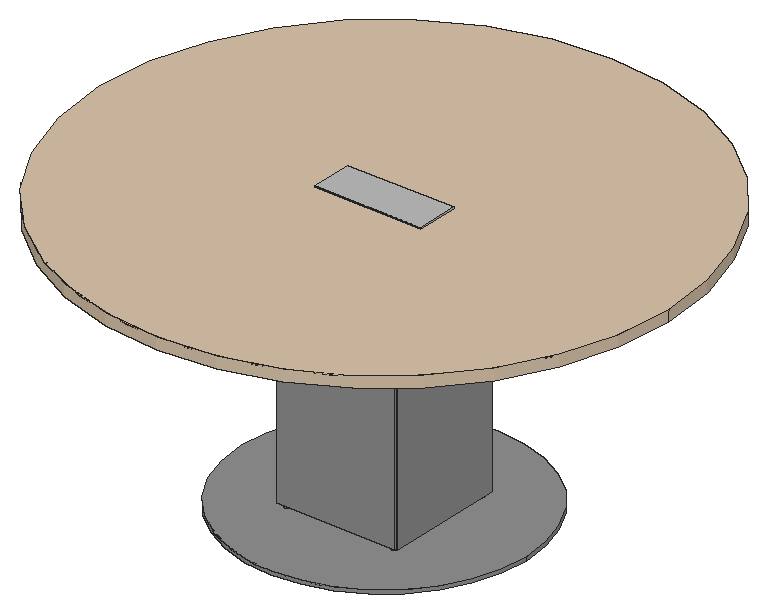
Revit family "Haworth_Planes_ColumnBaseConferenceTable_Round", category Furniture Systems, Revit 2018
Family settings
  Round Connector Dimension = Use Diameter
  Part Type = Normal
  OmniClass Number = 23.40.70.14.64.21
  OmniClass Title = Systems Furniture
  Work Plane-Based = No
  Always vertical = Yes
  Cut with Voids When Loaded = No
  Shared = No
  Room Calculation Point = No
Parameters (values of type "60d 60w 29h")
  Worksurface Finish [instance] = Haworth _ Laminate _ Maple H-AE
  Worksurface Edge Finish [instance] = Haworth _ Laminate _ Maple H-AE
  Width = 60"
  Warranty = "https://www.haworth.com/resources/product-info/warranties"
  URL - Product = "https://www.haworth.com/products/tables/conference/planes"
  Sustainability Info = "https://www.haworth.com/company-info/sustainability"
  Opening Single Wide = yes
  Opening Single = not(or(Opening Single Wide, Opening Double, Opening Double Wide))  # no
  Opening Double Wide = no
  Opening Double = no
  Model = "TARQ"  # constant formula
  Min. Depth = 36"  # constant formula
  Max. Depth = 60"  # constant formula
  Large Base = Actual Width > 36"  # yes
  URL = "www.haworth.com"
  Support Height = Actual Height - Table Thickness  # 27 13/16"
  Size = "Verify Final Dim. w/ Haworth"  # constant formula
  Revision Number = "1"  # constant formula
  Standard Widths = "36, 42, 48, 54, 60 in."  # constant formula
  Standard Heights = "21.25, 29, 41.25 in."  # constant formula
  Min. Width = 36"  # constant formula
  Max. Width = 60"  # constant formula
  Min. Height = 21 1/4"  # constant formula
  Max. Height = 41 1/4"  # constant formula
  Manufacturer = "Haworth"  # constant formula
  Knife Edge = not(Edgeband)  # no
  Height = 29"
  Frame Finish = Haworth _ Paint _ Graphite
  Fliptop Width = Cutout Width + 1/4"  # 11 1/4"
  Fliptop Depth = Cutout Depth + 3/8"  # 4 3/8"
  Flip Top Finish = Haworth _ Paint _ Metallic Champagne
  Flip Top = yes
  Edgeband = yes
  Description = "Haworth - Planes Column Base - Round - 60w 60d 29h"
  Depth = Width  # 60"
  Cutout Width = if(or(Opening Single Wide, Opening Double Wide), 11", 8")  # 11"
  Cutout Depth = if(or(Opening Double, Opening Double Wide), 7 11/16", 4")  # 4"
  Cutout = yes
  Custom Size = not(and(or(Width = 36", Width = 42", Width = 48", Width = 54", Width = 60"), or(Depth = 30", Depth = 36", Depth = 42", Depth = 48", Depth = 54", Depth = 60"), or(Height = 21 1/4", Height = 29", Height = 41 1/4")))  # no
  Base Finish = Haworth _ Paint _ Graphite
  Author = "Haworth (Alias)"  # constant formula
  Assembly Code = "E2020200"
  Actual Width = if(Depth > Max. Width, Max. Width, if(Depth < Min. Width, Min. Width, Depth))  # 60"
  Actual Height = if(Height > Max. Height, Max. Height, if(Height < Min. Height, Min. Height, Height))  # 29"
  Table Thickness = 1 3/16"  # constant formula
  Standard Depths = "36, 42, 48, 54, 60 in."  # constant formula
  Actual Depth = if(Width > Max. Depth, Max. Depth, if(Width < Min. Depth, Min. Depth, Width))  # 60"
Types (6): name | Width | Large Base | Description | Depth | Actual Width | Actual Depth
  (no name) | 60" | yes | "Haworth - Planes Column Base - Round - 60w 60d 29h" | 60" | 60" | 60"
  60d 60w 29h | 60" | yes | "Haworth - Planes Column Base - Round - 60w 60d 29h" | 60" | 60" | 60"
  54d 54w 29h | 54" | yes | "Haworth - Planes Column Base - Round - 54w 54d 29h" | 54" | 54" | 54"
  48d 48w 29h | 48" | yes | "Haworth - Planes Column Base - Round - 48w 48d 29h" | 48" | 48" | 48"
  42d 42w 29h | 42" | yes | "Haworth - Planes Column Base - Round - 42w 42d 29h" | 42" | 42" | 42"
  36d 36w 29h | 36" | no | "Haworth - Planes Column Base - Round - 36w 36d 29h" | 36" | 36" | 36"
Reference planes (in)
  plane 1 "Center F/B": y = -0.15866
  plane 2 "Floor": z = 0
  plane 3 "Center L/R": x = -15
  plane 4 "Table Edge Left": x = -45
  plane 5 "Table Edge Right": x = 15
  plane 6 "Table Edge Back": y = -30.15866
  plane 7 "Table Edge Front": y = 29.84134
  plane 8 "Table Bottom": z = 29
  plane 9 "masking region": z = 27.8125
Dimensions and locks (in)
  "Actual Depth": plane 7 "Table Edge Front" to plane 6 "Table Edge Back"
  "Actual Width": plane 4 "Table Edge Left" to plane 5 "Table Edge Right"
  equal spacing: plane 4 "Table Edge Left", plane 3 "Center L/R", plane 5 "Table Edge Right"
  equal spacing: plane 7 "Table Edge Front", plane 1 "Center F/B", plane 6 "Table Edge Back"
  "Actual Height": plane 8 "Table Bottom" to level
  "Table Thickness": plane 8 "Table Bottom" to plane 9 "masking region"
  aligned and locked: nested 1 to plane 3 "Center L/R"
  aligned and locked: plane 1 "Center F/B" to nested 1
  aligned and locked: plane 3 "Center L/R" to nested 2
  aligned and locked: plane 2 "Floor" to nested 1
  aligned and locked: plane 2 "Floor" to nested 3
  aligned and locked: plane 1 "Center F/B" to nested 3
  aligned and locked: plane 3 "Center L/R" to nested 3
Nested families (in)
  nested 1: "Haworth_Planes_ColumnBase_Part" at (-15, -3.78366, 0), type "Base"
    with Base Plate Square no, Base Plate Round yes, Actual Height 27 13/16"
  nested 2: "Haworth_Worksurface_FlipTop_Unit_Part" at (-15.57037, -0.21114, 29), built-in parameter 1001364 <- "Actual Height", visible <- "Flip Top", type "Flip Top"
    with Actual Width 11 1/4"
  nested 3: "Haworth_Conference_Worksurface_Round_Part" at (-15, -15.15866, 0), type "Worksurface"
    with Radius 2 28", Radius 30", Opening Single no, Opening Double Wide no, Opening Double no, Knife Edge no, Edgeband yes, Cutout Depth 4", Actual Width 60", Actual Depth 60"
Definition of nested family "Haworth_Planes_ColumnBase_Part"
  Parameters (values of type "Square")
    Warranty = "http://www.haworth.com/resources/product-info/warranties"
    URL - Product = "http://www.haworth.com/products/tables/conference/planes"
    URL = "www.haworth.com"
    Trim Finish = none
    Top Gap = 1 1/2"  # constant formula
    Sustainability Info = "http://www.haworth.com/company-info/sustainablility"
    Support Finish = none
    Size = "Verify Final Dim. w/ Haworth"  # constant formula
    Revision Number = "2"  # constant formula
    Model = "Haworth - Planes - Enhanced Column Base - LIMITED"  # constant formula
    Min. Height = 27"  # constant formula
    Max. Height = 36"  # constant formula
    Manufacturer = "Haworth"  # constant formula
    Description = "Haworth - Planes - Enhanced Column Base - LIMITED"  # constant formula
    Column Frame Width 9 = no
    Column Frame Width 12 = yes
    Cladding Thickness = 1/8"  # constant formula
    Cladding Square = yes
    Cladding Round = no
    Cladding Radius = 8 1/2"  # constant formula
    Base Plate Square = yes
    Base Plate Round = no
    Base Plate Radius = 15"  # constant formula
    Base Height Offset = 3/8"  # constant formula
    Base Finish = none
    Base Depth Offset = 7 1/8"  # constant formula
    Author = "Haworth (Hampton)"  # constant formula
    Assembly Code = "E2020200"
    Actual Width = 12 3/4"  # constant formula
    Actual Height = 27 3/16"
    Actual Depth = 12 3/4"  # constant formula
  Types (2): name | Cladding Square | Cladding Round | Base Plate Square | Base Plate Round
    Square | yes | no | yes | no
    Round | no | yes | no | yes
  Reference planes (in)
    plane 1 "Center F/B": y = 3.625
    plane 2 "Bottom": z = 0
    plane 3 "Center L/R": x = 0
    plane 4 "Left": x = -6.375
    plane 5 "Right": x = 6.375
    plane 6 "Front": y = -2.75
    plane 7 "Top": z = 27.1875
    plane 8 "Back": y = 10
    plane 9: y = 9.25
    plane 10: x = 5.625
    plane 11: x = -5.625
    plane 12: y = -2
    plane 13 "Panel Top": z = 25.6875
    plane 14 "Base Plate Top": z = 0.375
    plane 15 "Panel Bottom": z = 0.75
    plane 16: x = -6.25
    plane 17: x = 6.25
    plane 18: y = 9.875
    plane 19: y = -2.625
    plane 20 "Plate Back": y = 17.125
    plane 21 "Plate Front": y = -9.875
    plane 22 "Plate Left": x = -13.5
    plane 23 "Plate Right": x = 13.5
    plane 24 "Angel 2": through (6.375, 10, 48) normal (0.7071, -0.7071, 0)
    plane 25 "Angel 1": through (-6.375, 10, 48) normal (0.7071, 0.7071, 0)
    plane 26: through (6.375, -2.75, 48) normal (-0.7071, -0.7071, 0)
    plane 27: through (6.375, 10, 48) normal (0.7071, -0.7071, 0)
    plane 28: through (-6.375, -2.75, 48) normal (-0.7071, 0.7071, 0)
    plane 29: through (6.375, -2.75, 48) normal (-0.7071, -0.7071, 0)
    plane 30: through (-6.375, 10, 48) normal (0.7071, 0.7071, 0)
    plane 31: through (-6.375, -2.75, 48) normal (-0.7071, 0.7071, 0)
  Forms (in)
    Extrusion 1, solid, material <- "Trim Finish", visible <- "Cladding Square"
      sketch origin (0, 0, 0) x (1, 0, 0) y (0, 1, 0)
        loop
          line (-6.375, 9.875) -> (-6.375, -2.625) -> (-6.25, -2.625) -> (-6.25, 9.875) -> (-6.375, 9.875)
      from 0.75 to 25.6875
    Extrusion 2, solid, material <- "Trim Finish", visible <- "Cladding Square"
      sketch origin (0, 0, 0) x (1, 0, 0) y (0, 1, 0)
        loop
          line (-6.25, 10) -> (-6.25, 9.875) -> (6.25, 9.875) -> (6.25, 10) -> (-6.25, 10)
      from 0.75 to 25.6875
    Extrusion 3, solid, material <- "Trim Finish", visible <- "Cladding Square"
      sketch origin (0, 0, 0) x (1, 0, 0) y (0, 1, 0)
        loop
          line (6.25, 9.875) -> (6.25, -2.625) -> (6.375, -2.625) -> (6.375, 9.875) -> (6.25, 9.875)
      from 0.75 to 25.6875
    Extrusion 4, solid, material <- "Trim Finish", visible <- "Cladding Square"
      sketch origin (0, 0, 0) x (1, 0, 0) y (0, 1, 0)
        loop
          line (-6.25, -2.625) -> (-6.25, -2.75) -> (6.25, -2.75) -> (6.25, -2.625) -> (-6.25, -2.625)
      from 0.75 to 25.6875
    Extrusion 5, solid, material <- "Support Finish"
      sketch origin (0, 0, 0) x (1, 0, 0) y (0, 1, 0)
        loop
          circle (-5.625, 9.25) r 0.375
        loop
          circle (5.625, 9.25) r 0.375
        loop
          circle (5.625, -2) r 0.375
        loop
          circle (-5.625, -2) r 0.375
      from 0.375 to 27.1875
    Extrusion 6, solid, material <- "Base Finish", visible <- "Base Plate Square"
      sketch origin (0, 0, 0) x (1, 0, 0) y (0, 1, 0)
        loop
          line (-13.5, 17.125) -> (-13.5, -9.875) -> (13.5, -9.875) -> (13.5, 17.125) -> (-13.5, 17.125)
      from 0 to 0.375
    Extrusion 7, solid, material <- "Base Finish", visible <- "Base Plate Round"
      sketch origin (0, 0, 0) x (1, 0, 0) y (0, 1, 0)
        loop
          circle (0, 3.625) r 15
      from 0 to 0.375
    Extrusion 8, solid, material <- "Trim Finish", visible <- "Cladding Round"
      sketch origin (0, 0, 0) x (1, 0, 0) y (0, 1, 0)
        loop
          arc (-6.01041, 9.63541) -> (0, 12.125) -> (6.01041, 9.63541) r 8.5
          line (6.01041, 9.63541) -> (6.01041, 9.81092)
          arc (6.01041, 9.81092) -> (0, 12.25) -> (-6.01041, 9.81092) r 8.625
          line (-6.01041, 9.81092) -> (-6.01041, 9.63541)
      from 0.75 to 25.6875
    Extrusion 9, solid, material <- "Trim Finish", visible <- "Cladding Round"
      sketch origin (-3.625, 3.625, 0) x (0, -1, 0) y (1, 0, 0)
        loop
          arc (-6.01041, 9.63541) -> (0, 12.125) -> (6.01041, 9.63541) r 8.5
          line (6.01041, 9.63541) -> (6.01041, 9.81092)
          arc (6.01041, 9.81092) -> (0, 12.25) -> (-6.01041, 9.81092) r 8.625
          line (-6.01041, 9.81092) -> (-6.01041, 9.63541)
      from 0.75 to 25.6875
    Extrusion 10, solid, material <- "Trim Finish", visible <- "Cladding Round"
      sketch origin (0, 7.25, 0) x (-1, 0, 0) y (0, -1, 0)
        loop
          arc (-6.01041, 9.63541) -> (0, 12.125) -> (6.01041, 9.63541) r 8.5
          line (6.01041, 9.63541) -> (6.01041, 9.81092)
          arc (6.01041, 9.81092) -> (0, 12.25) -> (-6.01041, 9.81092) r 8.625
          line (-6.01041, 9.81092) -> (-6.01041, 9.63541)
      from 0.75 to 25.6875
    Extrusion 11, solid, material <- "Trim Finish", visible <- "Cladding Round"
      sketch origin (3.625, 3.625, 0) x (0, 1, 0) y (-1, 0, 0)
        loop
          arc (-6.01041, 9.63541) -> (0, 12.125) -> (6.01041, 9.63541) r 8.5
          line (6.01041, 9.63541) -> (6.01041, 9.81092)
          arc (6.01041, 9.81092) -> (0, 12.25) -> (-6.01041, 9.81092) r 8.625
          line (-6.01041, 9.81092) -> (-6.01041, 9.63541)
      from 0.75 to 25.6875
  Lines and regions (in)
    symbolic lines, visible <- "Base Plate Square", detail levels medium+fine
      curve 1: line (-13.5, 17.125, 0) -> (13.5, 17.125, 0)
      curve 2: line (13.5, 17.125, 0) -> (13.5, -9.875, 0)
      curve 3: line (13.5, -9.875, 0) -> (-13.5, -9.875, 0)
      curve 4: line (-13.5, -9.875, 0) -> (-13.5, 17.125, 0)
    symbolic lines, visible <- "Cladding Square", detail levels medium+fine
      curve 5: line (-6.375, 10, 0) -> (6.375, 10, 0)
      curve 6: line (6.375, 10, 0) -> (6.375, -2.75, 0)
      curve 7: line (6.375, -2.75, 0) -> (-6.375, -2.75, 0)
      curve 8: line (-6.375, -2.75, 0) -> (-6.375, 10, 0)
    model lines, visible <- "Base Plate Round"
      curve 9: circle (0, 3.625, 0) r 15 normal (0, 0, 1)
    symbolic lines, visible <- "Base Plate Round", detail levels medium+fine
      curve 10: circle (0, 3.625, 0) r 8.5 normal (0, 0, 1)
  Dimensions and locks (in)
    equal spacing: plane 8 "Back", plane 1 "Center F/B", plane 6 "Front"
    "Actual Depth": plane 8 "Back" to plane 6 "Front"
    equal spacing: plane 4 "Left", plane 3 "Center L/R", plane 5 "Right"
    "Actual Width": plane 4 "Left" to plane 5 "Right"
    "Actual Height": plane 7 "Top" to level
    locked: plane 4 "Left" to plane 11 at 0.75
    locked: plane 10 to plane 5 "Right" at 0.75
    locked: plane 8 "Back" to plane 9 at 0.75
    locked: plane 12 to plane 6 "Front" at 0.75
    "Base Height Offset": plane 14 "Base Plate Top" to level
    "Base Height Offset": plane 15 "Panel Bottom" to plane 14 "Base Plate Top"
    "Top Gap": plane 7 "Top" to plane 13 "Panel Top"
    "Base Depth Offset": plane 22 "Plate Left" to plane 4 "Left"
    "Base Depth Offset": plane 5 "Right" to plane 23 "Plate Right"
    "Base Depth Offset": plane 21 "Plate Front" to plane 6 "Front"
    "Base Depth Offset": plane 20 "Plate Back" to plane 8 "Back"
    "Cladding Thickness": plane 8 "Back" to plane 18
    "Cladding Thickness": plane 19 to plane 6 "Front"
    "Cladding Thickness": plane 4 "Left" to plane 16
    "Cladding Thickness": plane 17 to plane 5 "Right"
    "Base Plate Radius": radius of Extrusion 7 sketch curve
    "Base Plate Radius": radius of curve 9
    "Cladding Radius": radius of Extrusion 8 sketch curve
    "Cladding Radius": radius of curve 10
    "Cladding Radius": radius of Extrusion 9 sketch curve
    "Cladding Radius": radius of Extrusion 10 sketch curve
    "Cladding Radius": radius of Extrusion 11 sketch curve
    aligned and locked: Extrusion 1 sketch curve to plane 19
    aligned and locked: plane 4 "Left" to Extrusion 1 sketch curve
    aligned and locked: Extrusion 1 sketch curve to plane 16
    aligned and locked: Extrusion 1 sketch curve to plane 18
    aligned and locked: Extrusion 2 sketch curve to plane 8 "Back"
    aligned and locked: plane 18 to Extrusion 2 sketch curve
    aligned and locked: plane 16 to Extrusion 2 sketch curve
    aligned and locked: plane 17 to Extrusion 2 sketch curve
    aligned and locked: Extrusion 3 sketch curve to plane 19
    aligned and locked: Extrusion 3 sketch curve to plane 18
    aligned and locked: Extrusion 3 sketch curve to plane 17
    aligned and locked: plane 5 "Right" to Extrusion 3 sketch curve
    aligned and locked: plane 16 to Extrusion 4 sketch curve
    aligned and locked: plane 17 to Extrusion 4 sketch curve
    aligned and locked: plane 19 to Extrusion 4 sketch curve
    aligned and locked: plane 6 "Front" to Extrusion 4 sketch curve
    aligned and locked: plane 13 "Panel Top" to Extrusion 4
    aligned and locked: Extrusion 4 to plane 15 "Panel Bottom"
    aligned and locked: plane 13 "Panel Top" to Extrusion 2
    aligned and locked: Extrusion 2 to plane 15 "Panel Bottom"
    aligned and locked: Extrusion 1 to plane 15 "Panel Bottom"
    aligned and locked: plane 13 "Panel Top" to Extrusion 1
    aligned and locked: Extrusion 3 to plane 15 "Panel Bottom"
    aligned and locked: plane 13 "Panel Top" to Extrusion 3
    aligned and locked: Extrusion 5 to plane 14 "Base Plate Top"
    aligned and locked: plane 7 "Top" to Extrusion 5
    aligned and locked: plane 22 "Plate Left" to Extrusion 6 sketch curve
    aligned and locked: Extrusion 6 sketch curve to plane 21 "Plate Front"
    aligned and locked: plane 23 "Plate Right" to Extrusion 6 sketch curve
    aligned and locked: Extrusion 6 sketch curve to plane 20 "Plate Back"
    aligned and locked: Extrusion 6 to plane 2 "Bottom"
    aligned and locked: Extrusion 6 to plane 14 "Base Plate Top"
    aligned and locked: curve 1 to plane 20 "Plate Back"
    aligned and locked: plane 22 "Plate Left" to curve 4
    aligned and locked: curve 3 to plane 21 "Plate Front"
    aligned and locked: plane 23 "Plate Right" to curve 2
    aligned and locked: plane 5 "Right" to curve 6
    aligned and locked: curve 5 to plane 8 "Back"
    aligned and locked: plane 4 "Left" to curve 8
    aligned and locked: plane 6 "Front" to curve 7
    aligned and locked: Extrusion 7 to plane 2 "Bottom"
    aligned and locked: Extrusion 7 to plane 14 "Base Plate Top"
    aligned and locked: plane 13 "Panel Top" to Extrusion 8
    aligned and locked: Extrusion 8 to plane 15 "Panel Bottom"
    aligned and locked: Extrusion 11 to plane 15 "Panel Bottom"
    aligned and locked: Extrusion 10 to plane 15 "Panel Bottom"
    aligned and locked: Extrusion 9 to plane 15 "Panel Bottom"
    aligned and locked: plane 13 "Panel Top" to Extrusion 11
    aligned and locked: plane 13 "Panel Top" to Extrusion 10
    aligned and locked: plane 13 "Panel Top" to Extrusion 9
    aligned and locked: Extrusion 11 to Extrusion 1  (x2)
    aligned and locked: Extrusion 2 to Extrusion 10  (x2)
    aligned and locked: Extrusion 9 to Extrusion 2
    aligned and locked: Extrusion 2 to Extrusion 9
    aligned and locked: Extrusion 2 to Extrusion 8  (x2)
    aligned and locked: Extrusion 4 to Extrusion 1
    aligned and locked: Extrusion 1 to Extrusion 4
  Automatic sketch dimensions
    Extrusion 5 sketch curve to plane 11 = 0"  (x2)
    Extrusion 5 sketch curve to plane 9 = 0"  (x2)
    Extrusion 5 sketch curve to plane 10 = 0"  (x2)
    Extrusion 5 sketch curve to plane 12 = 0"  (x2)
    curve 9 to curve 10 = 0"  (x2)
    plane 1 "Center F/B" to curve 9 = 0"
    curve 9 to plane 3 "Center L/R" = 0"
    plane 1 "Center F/B" to Extrusion 7 sketch curve = 0"
    Extrusion 7 sketch curve to plane 3 "Center L/R" = 0"
    Extrusion 8 sketch curve to Extrusion 8 sketch curve = 0"  (x2)
    plane 25 "Angel 1" to Extrusion 8 sketch curve = 0"
    plane 1 "Center F/B" to Extrusion 8 sketch curve = 0"
    Extrusion 8 sketch curve to plane 3 "Center L/R" = 0"
    plane 24 "Angel 2" to Extrusion 8 sketch curve = 0"
    Extrusion 8 sketch curve to plane 18 = 0.06408"
    Extrusion 9 sketch curve to Extrusion 9 sketch curve = 0"  (x2)
    Extrusion 9 sketch curve to plane 27 = 0"
    plane 1 "Center F/B" to Extrusion 9 sketch curve = 0"
    plane 26 to Extrusion 9 sketch curve = 0"
    Extrusion 9 sketch curve to plane 3 "Center L/R" = 0"
    plane 17 to Extrusion 9 sketch curve = 0.06408"
    Extrusion 10 sketch curve to Extrusion 10 sketch curve = 0"  (x2)
    Extrusion 10 sketch curve to plane 29 = 0"
    plane 1 "Center F/B" to Extrusion 10 sketch curve = 0"
    Extrusion 10 sketch curve to plane 3 "Center L/R" = 0"
    Extrusion 10 sketch curve to plane 28 = 0"
    Extrusion 10 sketch curve to plane 19 = 0.06408"
    Extrusion 11 sketch curve to Extrusion 11 sketch curve = 0"  (x2)
    plane 31 to Extrusion 11 sketch curve = 0"
    plane 1 "Center F/B" to Extrusion 11 sketch curve = 0"
    Extrusion 11 sketch curve to plane 30 = 0"
    Extrusion 11 sketch curve to plane 3 "Center L/R" = 0"
    plane 16 to Extrusion 11 sketch curve = 0.06408"
    radius of Extrusion 5 sketch curve = 3/8"  (x4)
Definition of nested family "Haworth_Worksurface_FlipTop_Unit_Part"
  Parameters (values of type "Flip Top")
    Warranty = "https://www.haworth.com/resources/product-info/warranties"
    URL - Product = "https://www.haworth.com/products/tables/conference/planes"
    URL = "www.haworth.com"
    Sustainability Info = "https://www.haworth.com/company-info/sustainability"
    Size = "Verify Final Dim. w/ Haworth"  # constant formula
    Revision Number = "2"  # constant formula
    Model = "Haworth_Worksurface-Flip_Top_Unit"  # constant formula
    Manufacturer = "Haworth"  # constant formula
    LEED Data = "www.haworth.com/_layouts/Haworth.ProductCatalog/Handlers/GetAsset.ashx/ComposeLEEDContributions.pdf?cid=27&rid=1824&type=Leed"
    Flip Top Finish = none
    Description = "Haworth Worksurface-Flip Top Unit - Part"
    Default Elevation = 48"
    Author = "Haworth (Alias), SHAPE Environments, LLC"  # constant formula
    Assembly Code = "E2020200"
    Actual Width = 8 1/4"
    Actual Depth = 4 3/8"
  Reference planes (in)
    plane 1 "Center F/B": y = 0.05249
    plane 2: z = 0
    plane 3 "Center L/R": x = 0.57037
    plane 4 "Back": y = 2.23999
    plane 5 "Right": x = 4.69537
    plane 6 "Front": y = -2.13501
    plane 7 "Left": x = -3.55463
    plane 8 "Table Height": z = 0
  Forms (in)
    Extrusion 1, solid, material <- "Flip Top Finish"
      sketch origin (0, 0, 0) x (-1, 0, 0) y (0, -1, 0)
        loop
          line (3.55463, -2.23999) -> (3.55463, 2.13501) -> (-4.69537, 2.13501) -> (-4.69537, -2.23999) -> (3.55463, -2.23999)
      from 0 to 0.125
    Extrusion 2, solid, material <- "Flip Top Finish"
      sketch origin (0, 0, 0) x (-1, 0, 0) y (0, -1, 0)
        loop
          line (3.42963, -2.05249) -> (3.42963, 1.94751) -> (-4.57037, 1.94751) -> (-4.57037, -2.05249) -> (3.42963, -2.05249)
      from 0 to -2.75
  Cuts and joins
    joined: Extrusion 1, Extrusion 2
  Lines and regions (in)
    Masking region 1
      outline origin (0, 0, 0) x (1, 0, 0) y (0, 1, 0)
        loop
          line (-3.55463, 2.23999) -> (-3.55463, -2.13501) -> (4.69537, -2.13501) -> (4.69537, 2.23999) -> (-3.55463, 2.23999)
  Dimensions and locks (in)
    equal spacing: plane 7 "Left", plane 3 "Center L/R", plane 5 "Right"
    "Actual Width": plane 7 "Left" to plane 5 "Right"
    equal spacing: plane 6 "Front", plane 1 "Center F/B", plane 4 "Back"
    "Actual Depth": plane 4 "Back" to plane 6 "Front"
    plane 7 "Left" to Extrusion 2 sketch curve = 1/8"
    plane 4 "Back" to Extrusion 2 sketch curve = 3/16"
    Extrusion 2 sketch curve to plane 5 "Right" = 1/8"
    Extrusion 2 sketch curve to plane 6 "Front" = 3/16"
    locked: plane 8 "Table Height" to level
    aligned and locked: plane 7 "Left" to Extrusion 1 sketch curve
    aligned and locked: Extrusion 1 sketch curve to plane 4 "Back"
    aligned and locked: plane 6 "Front" to Extrusion 1 sketch curve
    aligned and locked: Extrusion 1 sketch curve to plane 5 "Right"
    aligned and locked: Masking region 1 sketch curve to cut or joined group of Extrusion 1, Extrusion 2  (x3)
    aligned and locked: cut or joined group of Extrusion 1, Extrusion 2 to Masking region 1 sketch curve
Definition of nested family "Haworth_Conference_Worksurface_Round_Part"
  Parameters (values of type "Worksurface")
    Warranty = "http://www.haworth.com/resources/product-info/warranties"
    URL - Product = "https://www.haworth.com/products/tables/conference/planes"
    URL = "www.haworth.com"
    Thickness = 1 3/16"  # constant formula
    Table Finish = none
    Table Edge Finish = none
    Size = "Verify Final Dim. w/ Haworth"  # constant formula
    Revision Number = ""
    Radius 2 = Radius - 2"  # 22"
    Radius = Actual Width / 2  # 24"
    Opening Single Wide = yes
    Opening Single = yes
    Opening Double Wide = yes
    Opening Double = yes
    Model = "Haworth Planes"  # constant formula
    Manufacturer = "Haworth"  # constant formula
    Knife Edge = yes
    Edgeband = no
    Description = "Haworth Planes Conference Worksurface - Part"
    Cutout Width = if(or(Opening Single Wide, Opening Double Wide), 11", 8")  # 11"
    Cutout Dimension = if(Cutout, 3", 1")  # 3"
    Cutout Depth = if(or(Opening Double, Opening Double Wide), 7 11/16", 4")  # 7 11/16"
    Cutout = yes
    Author = "Haworth (Alias)"  # constant formula
    Assembly Code = ""
    Actual Width = 48"
    Actual Height = 29"
    Actual Depth = 48"
  Reference planes (in)
    plane 1 "Center F/B": y = 15
    plane 2: z = 0
    plane 3 "Center L/R": x = 0
    plane 4 "Table Front": y = 39
    plane 5 "Table Right": x = 24
    plane 6 "Table Left": x = -24
    plane 7 "Table Back": y = -9
    plane 8 "Table Top": z = 29
    plane 9 "Table Bottom": z = 27.8125
    plane 10 "Knife Edge Middle": z = 28.625
    plane 11 "Support Right": x = 5.5
    plane 12 "Support Left": x = -5.5
    plane 13 "Support Front": y = 11.15625
    plane 14 "Support BAck": y = 18.84375
    plane 15 "Cutout Bottom": z = 27
    plane 16 "Cutout Top": z = 30
  Forms (in)
    Extrusion 1, solid, material <- "Table Finish", visible <- "Edgeband"
      sketch origin (0, 0, 0) x (1, 0, 0) y (0, 1, 0)
        loop
          circle (0, 15) r 24
      from 27.8125 to 29
    Extrusion 2, solid, material <- "Table Finish", visible <- "Knife Edge"
      sketch origin (0, 0, 0) x (1, 0, 0) y (0, 1, 0)
        loop
          circle (0, 15) r 24
      from 29 to 28.625
    Blend 3, solid, material <- "Table Finish", visible <- "Knife Edge"
      base sketch origin (0, 0, 0) x (1, 0, 0) y (0, 1, 0)
        loop
          circle (0, 15) r 22
      top sketch origin (0, 0, 0) x (1, 0, 0) y (0, 1, 0)
        loop
          circle (0, 15) r 24
      from 27.8125 to 28.625
    Extrusion 4, void
      sketch origin (0, 0, 0) x (1, 0, 0) y (0, 1, 0)
        loop
          line (-5.5, 18.84375) -> (-5.5, 11.15625) -> (5.5, 11.15625) -> (5.5, 18.84375) -> (-5.5, 18.84375)
      from 27 to 30
  Cuts and joins
    Extrusion 4 cuts Extrusion 2
    Extrusion 4 cuts Blend 3
    joined: Extrusion 2, Blend 3
    Extrusion 4 cuts Extrusion 1
  Lines and regions (in)
    Masking region 1
      outline origin (0, 0, 0) x (1, 0, 0) y (0, 1, 0)
        loop
          circle (0, 15) r 24
    symbolic lines, visible <- "Knife Edge", detail levels medium+fine
      curve 1: arc (-22, 15, 0) -> (0, 37, 0) -> (22, 15, 0) r 22
      curve 2: arc (22, 15, 0) -> (0, -7, 0) -> (-22, 15, 0) r 22
    symbolic lines, visible <- "Cutout", detail levels medium+fine
      curve 3: line (-5.5, 18.84375, 0) -> (5.5, 18.84375, 0)
      curve 4: line (-5.5, 11.15625, 0) -> (-5.5, 18.84375, 0)
      curve 5: line (5.5, 11.15625, 0) -> (-5.5, 11.15625, 0)
      curve 6: line (5.5, 18.84375, 0) -> (5.5, 11.15625, 0)
  Dimensions and locks (in)
    "Actual Depth": plane 7 "Table Back" to plane 4 "Table Front"
    "Actual Width": plane 6 "Table Left" to plane 5 "Table Right"
    equal spacing: plane 6 "Table Left", plane 3 "Center L/R", plane 5 "Table Right"
    equal spacing: plane 4 "Table Front", plane 1 "Center F/B", plane 7 "Table Back"
    "Thickness": plane 8 "Table Top" to plane 9 "Table Bottom"
    "Actual Height": plane 8 "Table Top" to level
    locked: plane 8 "Table Top" to plane 10 "Knife Edge Middle" at 0.375
    locked: plane 16 "Cutout Top" to plane 8 "Table Top" at 1
    "Cutout Dimension": plane 16 "Cutout Top" to plane 15 "Cutout Bottom"
    "Cutout Depth": plane 14 "Support BAck" to plane 13 "Support Front"
    "Cutout Width": plane 12 "Support Left" to plane 11 "Support Right"
    equal spacing: plane 12 "Support Left", plane 3 "Center L/R", plane 11 "Support Right"
    equal spacing: plane 14 "Support BAck", plane 1 "Center F/B", plane 13 "Support Front"
    "Radius": radius of Extrusion 1 sketch curve
    "Radius": radius of Extrusion 2 sketch curve
    "Radius": radius of Masking region 1 sketch curve
    "Radius": radius of Blend 3 sketch curve
    "Radius 2": radius of Blend 3 sketch curve
    aligned and locked: plane 8 "Table Top" to Extrusion 1
    aligned and locked: Extrusion 1 to plane 9 "Table Bottom"
    aligned and locked: cut or joined group of Extrusion 2, Blend 3, Extrusion 4 to plane 10 "Knife Edge Middle"
    aligned and locked: plane 8 "Table Top" to cut or joined group of Extrusion 2, Blend 3, Extrusion 4
    aligned and locked: Blend 3 to plane 10 "Knife Edge Middle"
    aligned and locked: Blend 3 to plane 9 "Table Bottom"
    aligned and locked: plane 1 "Center F/B" to Extrusion 1 sketch curve
    aligned and locked: plane 3 "Center L/R" to Extrusion 1 sketch curve
    aligned and locked: plane 3 "Center L/R" to Blend 3 sketch curve  (x2)
    aligned and locked: plane 1 "Center F/B" to Extrusion 2 sketch curve
    aligned and locked: plane 3 "Center L/R" to Extrusion 2 sketch curve
    aligned and locked: plane 1 "Center F/B" to Blend 3 sketch curve
    aligned and locked: curve 1 to cut or joined group of Extrusion 2, Blend 3, Extrusion 4
    aligned and locked: curve 2 to cut or joined group of Extrusion 2, Blend 3, Extrusion 4
    aligned and locked: curve 6 to plane 11 "Support Right"
    aligned and locked: curve 5 to plane 13 "Support Front"
    aligned and locked: curve 3 to plane 14 "Support BAck"
    aligned and locked: curve 4 to plane 12 "Support Left"
    aligned and locked: Extrusion 4 sketch curve to plane 14 "Support BAck"
    aligned and locked: Extrusion 4 sketch curve to plane 12 "Support Left"
    aligned and locked: Extrusion 4 sketch curve to plane 13 "Support Front"
    aligned and locked: Extrusion 4 sketch curve to plane 11 "Support Right"
    aligned and locked: plane 16 "Cutout Top" to Extrusion 4
    aligned and locked: plane 15 "Cutout Bottom" to Extrusion 4
  Automatic sketch dimensions
    plane 1 "Center F/B" to Masking region 1 sketch curve = 0"
    Masking region 1 sketch curve to plane 3 "Center L/R" = 0"
    plane 1 "Center F/B" to Blend 3 sketch curve = 0"
